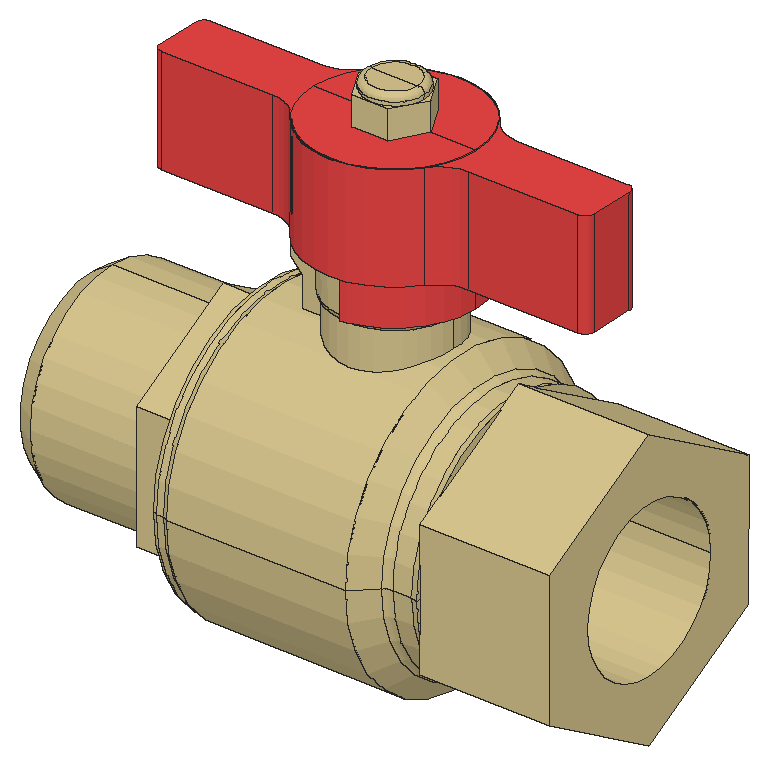
Revit family "QA05640000", category Apparecchi idraulici, Revit 2016
Family settings
  Tipo di parte = Normale
  Quota connettore circolare = Usa diametro
  Numero OmniClass = 23.45.00.00
  Titolo OmniClass = Sanitary, Laundry, and Cleaning Equipment
  Basato su piano di lavoro = No
  Sempre verticale = Sì
  Taglio con vuoti quando caricato = No
  Condiviso = No
  Punto di calcolo locali = No
Parameters
  URL = "https://web.cimberio.it/index.php/figura/1043?subcategoria_id=42417"
  DN Model [instance] = QA05641025 : QA05641025
  DN [instance] = 25 mm
Reference planes
  plane 1 "Centro (Fronte/Retro)": y = 0
  plane 2: z = 0
  plane 3 "Centro (Sinistra/Destra)": x = 0
Dimensions and locks
  aligned and locked: level to plane 2
Nested families
  nested 1: "QA05641025" at (0, 0, 0), type <- "DN Model", type "QA05641025"
  nested 2: "QA05641025" at (0, 0, 0), type <- "DN Model", type "QA05641025"
  nested 3: "QA05641025" at (0, 0, 0), type <- "DN Model", type "QA05641025"
  nested 4: "QA05641025" at (0, 0, 0), type <- "DN Model", type "QA05641025"
  nested 5: "QA05641025" at (0, 0, 0), type <- "DN Model", type "QA05641025"
  nested 6: "QA05641025" at (0, 0, 0), type <- "DN Model", type "QA05641025"
  nested 7: "QA05641025" at (0, 0, 0), type <- "DN Model", type "QA05641025"
  nested 8: "QA05641025" at (0, 0, 0), type <- "DN Model", type "QA05641025"
Connectors
  piping at (41, 0, 0), diameter 25, driven by "DN"
    settings: on nested 1, index 1, connector inside diameter 609.6 mm, connector length 0 mm, flow factor 0, pipe flow 0.0 L/s, pressure drop 0.0 Pa, fitting loss kfactor 0, connector angle 0.00°, fixture units 0, engagement length 0 mm, angle of deflection 0.00°, flow configuration 0, flow direction 0, fitting loss method 0, system type 7, joint type 0, gender type 0, connector reference index -1, connector utility 0, adjustable connector no, is connector primary yes, connector description ""
  piping at (-48.6, 0, 0), diameter 25, driven by "DN"
    settings: on nested 1, index 2, connector inside diameter 609.6 mm, connector length 0 mm, flow factor 0, pipe flow 0.0 L/s, pressure drop 0.0 Pa, fitting loss kfactor 0, connector angle 0.00°, fixture units 0, engagement length 0 mm, angle of deflection 0.00°, flow configuration 0, flow direction 0, fitting loss method 0, system type 7, joint type 0, gender type 0, connector reference index -1, connector utility 0, adjustable connector no, is connector primary no, connector description ""
Definition of nested family "QA05641025"
  Reference planes
    plane 1 "Centro (Fronte/Retro)": y = 0
    plane 2: z = 0
    plane 3 "Centro (Sinistra/Destra)": x = 0
  Forms (mm)
    Revolve 1, solid
      sketch origin (0, 0, 0) x (0, 1, 0) y (-1, 0, 0)
        loop
          line (12.5, 20.6) -> (12.5, -20) -> (20.617, -20) -> (20.25, -18.845) -> (20.25, -15.828)
          arc (20.25, -15.828) -> (20.402, -15.063) -> (20.836, -14.414) r 2
          line (20.836, -14.414) -> (24, -11.25) -> (24, 17.6) -> (23.5, 18.598) -> (23.5, 19.6)
          arc (23.5, 19.6) -> (23.207, 20.307) -> (22.5, 20.6) r 1
          line (22.5, 20.6) -> (12.5, 20.6)
        axis (0, 20.6) -> (0, -20)
      angle from 0 to 360
    Revolve 2, solid
      sketch origin (0, 0, 0) x (1, 0, 0) y (0, 0, 1)
        loop
          line (0, 53.8) -> (-13.1, 53.8) -> (-13.1, 30.847) -> (-9.6, 30.847) -> (-9.6, 45.453) -> (0, 45.453) -> (0, 53.8)
        axis (0, 30.847) -> (0, 53.8)
      angle from 0 to 360
    Extrusion 3, void
      sketch origin (0, 0, 58.3) x (-1, 0, 0) y (0, 1, 0)
        loop
          line (17.996, 0) -> (6.069, 0)
          arc (6.069, 0) -> (3.81, -6.082) -> (-1.6, -9.664) r 10.467
          line (-1.6, -9.664) -> (-1.6, -18.578)
          arc (-1.6, -18.578) -> (15.234, -16.711) -> (17.996, 0) r 14.025
      from 17.5 to 31.018
    Revolve 4, solid
      sketch origin (0, 0, 0) x (1, 0, 0) y (0, 0, 1)
        loop
          line (-10.178, 42.039) -> (-9.887, 29.366)
          arc (-9.887, 29.366) -> (-9.746, 28.868) -> (-9.381, 28.5) r 1.035
          line (-9.381, 28.5) -> (-9.381, 21.347) -> (0.059, 21.347) -> (0.059, 42.039) -> (-10.178, 42.039)
        axis (0.059, 42.039) -> (0.059, 21.347)
      angle from 0 to 360
    Revolve 5, solid
      sketch origin (3.8, 0, 0) x (-1, 0, 0) y (0, 0, -1)
        loop
          line (31.401, -12.5) -> (31.401, -16.575) -> (49.307, -16.575) -> (52.4, -14.727) -> (52.4, -12.5) -> (31.401, -12.5)
        axis (52.4, 0) -> (31.401, 0)
      angle from 0 to 360
    Extrusion 6, solid
      sketch origin (0, 0, 0) x (1, 0, 0) y (0, 0, 1)
        loop
          line (-8.817, 34.3) -> (-14, 34.3) -> (-14, 30.5) -> (-12, 28.5) -> (-12, 21.49) -> (-8.817, 21.49) -> (-8.817, 34.3)
      from 0 to 3.5
    Extrusion 7, solid
      sketch origin (0, 0, 58.3) x (0, 1, 0) y (-1, 0, 0)
        loop
          arc (5, 33.5) -> (4.561, 34.561) -> (3.5, 35) r 1.5
          line (3.5, 35) -> (-3.5, 35)
          arc (-3.5, 35) -> (-4.561, 34.561) -> (-5, 33.5) r 1.5
          line (-5, 33.5) -> (-5, 15.798)
          arc (-5, 15.798) -> (-5.682, 13.02) -> (-7.571, 10.874) r 6
          arc (-7.571, 10.874) -> (-13.25, 0) -> (-7.571, -10.874) r 13.25
          arc (-7.571, -10.874) -> (-5.682, -13.02) -> (-5, -15.798) r 6
          line (-5, -15.798) -> (-5, -33.5)
          arc (-5, -33.5) -> (-4.561, -34.561) -> (-3.5, -35) r 1.5
          line (-3.5, -35) -> (3.5, -35)
          arc (3.5, -35) -> (4.561, -34.561) -> (5, -33.5) r 1.5
          line (5, -33.5) -> (5, -15.798)
          arc (5, -15.798) -> (5.682, -13.02) -> (7.571, -10.874) r 6
          arc (7.571, -10.874) -> (13.25, 0) -> (7.571, 10.874) r 13.25
          arc (7.571, 10.874) -> (5.682, 13.02) -> (5, 15.798) r 6
          line (5, 15.798) -> (5, 33.5)
        loop
          line (0, 5.775) -> (-5.001, 2.888) -> (-5.001, -2.888) -> (0, -5.775) -> (5.001, -2.888) -> (5.001, 2.888) -> (0, 5.775)
      from -21.5 to -4.5
    Extrusion 8, solid
      sketch origin (0, 0, 58.3) x (0, 1, 0) y (-1, 0, 0)
        loop
          line (5.001, 2.888) -> (0, 5.775) -> (-5.001, 2.888) -> (-5.001, -2.888) -> (0, -5.775) -> (5.001, -2.888) -> (5.001, 2.888)
      from -4.5 to 0
    Revolve 9, solid
      sketch origin (0, 0, 0) x (1, 0, 0) y (0, 0, 1)
        loop
          line (0, 59.8) -> (0, 57.752) -> (4.75, 57.752) -> (4.75, 58.8)
          arc (4.75, 58.8) -> (4.457, 59.507) -> (3.751, 59.8) r 1
          line (3.751, 59.8) -> (0, 59.8)
        axis (0, 59.8) -> (0, 57.752)
      angle from 0 to 360
    Extrusion 10, solid
      sketch origin (0, 0, 0) x (0, 1, 0) y (0, 0, 1)
        loop
          circle (0, 0) r 12.5
        loop
          line (0, 22.4) -> (-20, 10.853) -> (-20, -10.853) -> (0, -22.4) -> (20, -10.853) -> (20, 10.853) -> (0, 22.4)
      from 20 to 41
    Extrusion 11, solid
      sketch origin (-16, 0, 0) x (0, 0, 1) y (0, 1, 0)
        loop
          circle (0, 0) r 12.5
        loop
          line (20.25, 0) -> (10.125, 17.537) -> (-10.125, 17.537) -> (-20.25, 0) -> (-10.125, -17.537) -> (10.125, -17.537) -> (20.25, 0)
      from 4.6 to 11.601
  Cuts and joins
    Extrusion 3 cuts Revolve 2
  Dimensions and locks
    aligned and locked: level to plane 2
